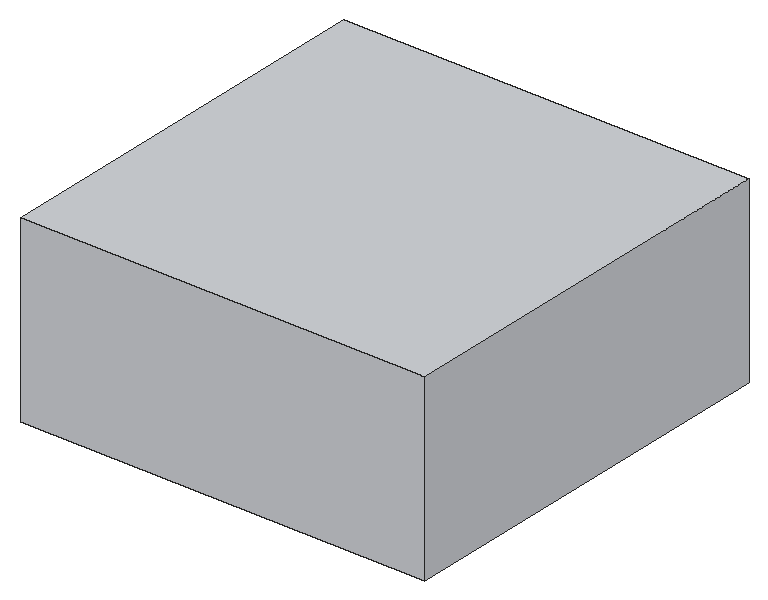
Revit family "5057eedd7992405b8150d7bd0db57005", category Conduit Fittings, Revit 2021
Family settings
  Round Connector Dimension = Use Radius
  Part Type = Tee
  OmniClass Number = 23.80.30.17.11
  OmniClass Title = Conduits
  Work Plane-Based = No
  Always vertical = Yes
  Cut with Voids When Loaded = No
  Shared = No
Parameters (values of type "Standard")
  Width [instance] = Length  # 4 9/16"
  Nominal Radius 3 [instance] = 1/4"
  Nominal Radius 2 [instance] = 1/4"
  Nominal Radius 1 [instance] = 1/4"
  Nominal Diameter 3 [instance] = Nominal Radius 3 * 2  # 1/2"
  Nominal Diameter 2 [instance] = Nominal Radius 2 * 2  # 1/2"
  Nominal Diameter 1 [instance] = Nominal Radius 1 * 2  # 1/2"
  Max Nominal Diameter 13 [instance] = if(Nominal Diameter 1 > Nominal Diameter 3, Nominal Diameter 1, Nominal Diameter 3)  # 1/2"
  Max Nominal Diameter 123 [instance] = if(Max Nominal Diameter 12 > Max Nominal Diameter 13, Max Nominal Diameter 12, Max Nominal Diameter 13)  # 1/2"
  Max Nominal Diameter 12 [instance] = if(Nominal Diameter 1 > Nominal Diameter 2, Nominal Diameter 1, Nominal Diameter 2)  # 1/2"
  Height [instance] = if(not(Max Nominal Diameter 123 > 0' 1"), 0' 2 1/16", if(Max Nominal Diameter 123 < 0' 6", 0' 6", Max Nominal Diameter 123 * 1.2))  # 2 1/16"
  Length [instance] = if(not(Max Nominal Diameter 123 > 0' 1"), 0' 4 9/16", 6 * Max Nominal Diameter 123)  # 4 9/16"
  Default Elevation = 0' - 0"
Reference planes (in)
  plane 1 "Center (Front/Back)": y = 0
  plane 2: z = 0
  plane 3 "Center (Left/Right)": x = 0
  plane 4: x = -2.28125
  plane 5: x = 2.28125
  plane 6: y = 2.28125
  plane 7: y = -2.28125
  plane 8: z = 1.03125
  plane 9: z = -1.03125
Forms (in)
  Extrusion 1, solid
    sketch origin (0, 0, 0) x (1, 0, 0) y (0, 1, 0)
      loop
        line (-2.28125, 2.28125) -> (-2.28125, -2.28125) -> (2.28125, -2.28125) -> (2.28125, 2.28125) -> (-2.28125, 2.28125)
    from -1.03125 to 1.03125
Dimensions and locks (in)
  equal spacing: plane 4, plane 3 "Center (Left/Right)", plane 5
  "Length": plane 4 to plane 5
  equal spacing: plane 6, plane 1 "Center (Front/Back)", plane 7
  "Width": plane 6 to plane 7
  equal spacing: plane 8, plane 2, plane 9
  "Height": plane 8 to plane 9
  aligned and locked: Extrusion 1 sketch curve to plane 6
  aligned and locked: plane 4 to Extrusion 1 sketch curve
  aligned and locked: plane 7 to Extrusion 1 sketch curve
  aligned and locked: Extrusion 1 sketch curve to plane 5
  aligned and locked: Extrusion 1 to plane 9
  aligned and locked: plane 8 to Extrusion 1
Connectors (in)
  cabletrayconduit at (-2.28125, 0, 0), diameter 0.5, driven by "Nominal Radius 1"
    settings: on Extrusion 1, index 1, connector width 1' - 0", connector height 1' - 0", connector angle 0.00°, system type 32, placement type 0, profile type 0, connector reference index 2, is primary connector yes, connector utility param no, connector description ""
  cabletrayconduit at (2.28125, 0, 0), diameter 0.5, driven by "Nominal Radius 2"
    settings: on Extrusion 1, index 2, connector width 1' - 0", connector height 1' - 0", connector angle 0.00°, system type 32, placement type 0, profile type 0, connector reference index 1, is primary connector no, connector utility param no, connector description ""
  cabletrayconduit at (0, -2.28125, 0), diameter 0.5, driven by "Nominal Radius 3"
    settings: on Extrusion 1, index 3, connector width 1' - 0", connector height 1' - 0", connector angle 0.00°, system type 32, placement type 0, profile type 0, connector reference index -1, is primary connector no, connector utility param no, connector description ""
